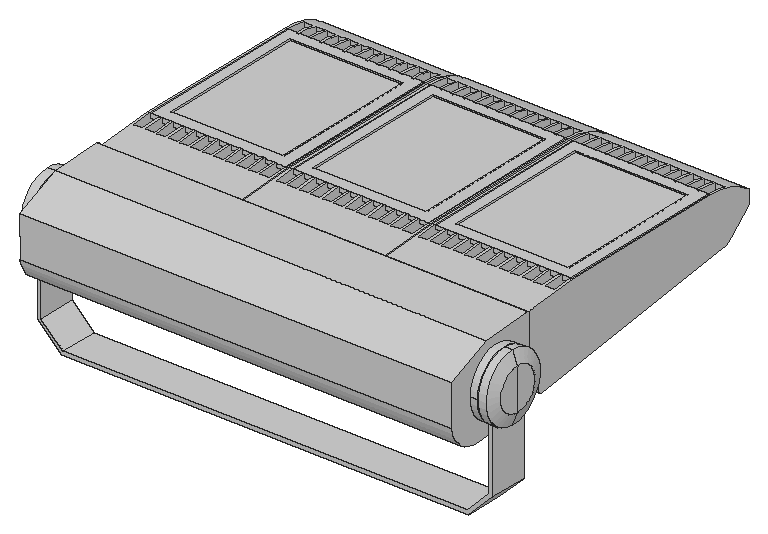
Revit family "0049147 Feilo Sylvania Lighting Fixture SYLVEO LED 20000LM RASYM 4K DALI", category Lighting Fixtures, host Face, Revit 2017
Family settings
  Host = Face
  Round Connector Dimension = Use Diameter
  Part Type = Normal
  OmniClass Number = 23.80.70.00
  OmniClass Title = Lighting
  Cut with Voids When Loaded = No
  Light Source = No
  Shared = No
  Room Calculation Point = No
Parameters (values of type "0049147 SYLVEO LED 20000LM RASYM 4K DALI ")
  Weight = "11.516 kg"
  Wattage Comments = ""
  WarrantyStartDate [instance] = "n/a"
  WarrantyGuarantorParts = "n/a"
  WarrantyDurationUnit = "n/a"
  WarrantyDurationParts = "n/a"
  WarrantyDescription = "n/a"
  Voltage = 230 V
  URL = "http://www.sylvania-lighting.com"
  TypeName = "SYLVEO LED 20000LM RASYM 4K DALI"
  TypeBody_FEILO = Sylveo Extra Large Body : 0049145 SYLVEO LED 20000LM NAR 4K DALI 
  Type Image = <None>
  Type Comments = "n/a"
  TiltAngle_FEILO [instance] = 0.00°
  StartAngle_FEILO [instance] = EndAngle_FEILO + 180.00°  # 270.00°
  SerialNumber [instance] = "n/a"
  Material_3_FEILO = none
  PowerFactor = 0.95
  PowerConsumption = "202 W"
  NominalLength = 98 mm
  NominalHeight = 392 mm
  NominalDepth = 496 mm
  Name = "SYLVEO LED 20000LM RASYM 4K DALI"
  ModelReference = Name  # "SYLVEO LED 20000LM RASYM 4K DALI"
  ModelNumber = "0049147"
  Model = Name  # "SYLVEO LED 20000LM RASYM 4K DALI"
  Material = "aluminum housing, glass diffuser"
  ManufacturerName = "Feilo Sylvania"
  Manufacturer = "Feilo Sylvania"
  LuminousEfficacy = "106.6 lm/W"
  LuminaireType = ""
  LightOutputRatio = "1"
  LampsType = Lamp  # "LED"
  LampNominalLuminous = "21542 lm"
  LampMacAdamStep = "6"
  LampColourTemperature = "4000 K"
  LampColourRenderingIndex = "70"
  Lamp = "LED"
  Keynote = "16500"
  InstallationDate [instance] = "n/a"
  InputVoltage = "100-240V~"
  InputNominalFrequency = "50/60 Hz"
  IngressProtection = "IP66"
  ImpactProtectionIndex = "IK08"
  IfcExportType = "IfcLightFixtureType"
  IfcExportAs = "IfcLightFixtureType"
  ExpectedLife = 50000
  EndAngle_FEILO [instance] = -TiltAngle_FEILO + 90.00°  # 90.00°
  ElectricShockClassification = "Class I"
  DurationUnit = "hours"
  DocumentationLiterature = "http://www.sylvania-lighting.com/product/en-int/products/0049147"
  DimmingControlOptions = "Dimmable"
  Material_2_FEILO = none
  Description = "Exterior LED floodlight, comes complete with a 1000mm cable and adjustable bracket, aluminium housing, clear glass diffuser, 21542lm, 201W, 107lm/W, 4000K, 5002mA, CRI70, 52°x117° beam angle, DALI dimmable, IP66, IK08, Class I, 50000hrs, (LxWxD) 98x496x392mm"
  Default Elevation = 1219.2 mm
  CreatedOn = "1/9/2018"
  CreatedBy = ""
  Cost = 0
  built-in parameter 1114216 [instance] = (empty or 0)
  ClassificationValue = "EF_70_80"
  ClassificationName = "Uniclass2015"
  Material_1_FEILO = Body-Sylvania-Sylveo
  BarCode [instance] = "n/a"
  AssetType = "Fixed"
  AssetIdentifier [instance] = "n/a"
  Assembly Code = "D5020200"
  Apparent Load = 202 VA
  Material_4_FEILO = none
Reference planes
  plane 1 "Center (Front/Back)": y = 0
  plane 2: z = 0
  plane 3 "Center (Left/Right)": x = 0
  plane 4: x = 248
  plane 5: x = -248
  plane 6: x = -243
  plane 7: x = 243
  plane 8: z = 121
  plane 9: z = 143
  plane 10: z = 99
  plane 11: z = 156
  plane 12: z = 86
  plane 13: x = -234
  plane 14: x = 234
  plane 15: z = 4
  plane 16: x = -238
  plane 17: x = 238
  plane 18: x = -213
  plane 19: x = 213
  plane 20: z = 25
  plane 21: y = 20
  plane 22: y = -20
Forms (mm)
  Revolve 1, solid, material "Body-Sylvania-Sylveo" <- "Material_1_FEILO"
    sketch origin (0, 0, 0) x (1, 0, 0) y (0, 0, 1)
      loop
        line (-234, 156) -> (-243, 156) -> (-248, 143) -> (-248, 121) -> (-234, 121) -> (-234, 156)
      loop
        line (234, 121) -> (248, 121) -> (248, 143) -> (243, 156) -> (234, 156) -> (234, 121)
      axis (-248, 121) -> (248, 121)
    angle from 360 to 0
  Extrusion 2, solid, material "Body-Sylvania-Sylveo" <- "Material_1_FEILO"
    sketch origin (0, 0, 0) x (1, 0, 0) y (0, 0, 1)
      loop
        line (213, 0) -> (238, 25) -> (238, 121) -> (234, 121) -> (234, 26.657) -> (211.343, 4) -> (-211.343, 4) -> (-234, 26.657) -> (-234, 121) -> (-238, 121) -> (-238, 25) -> (-213, 0) -> (213, 0)
    from -20 to 20
  Revolve 3, solid, not visible
    sketch origin (0, 0, 0) x (1, 0, 0) y (0, 0, 1)
      loop
        line (0, 143) -> (-50.437, 143) -> (-50.437, 121) -> (0, 121) -> (0, 143)
      axis (-50.437, 121) -> (0, 121)
    angle from 270 <- "StartAngle_FEILO" to 90 <- "EndAngle_FEILO"
Cuts and joins
  joined: Revolve 1, Extrusion 2
Dimensions and locks
  locked: plane 8 to plane 2 at 121
  equal spacing: plane 4, plane 3 "Center (Left/Right)", plane 5
  equal spacing: plane 7, plane 3 "Center (Left/Right)", plane 6
  locked: plane 6 to plane 5 at 5
  locked: plane 4 to plane 5 at 496
  equal spacing: plane 9, plane 8, plane 10
  locked: plane 9 to plane 10 at 44
  equal spacing: plane 11, plane 8, plane 12
  locked: plane 11 to plane 9 at 13
  equal spacing: plane 14, plane 3 "Center (Left/Right)", plane 13
  locked: plane 3 "Center (Left/Right)" to plane 13 at 234
  locked: plane 15 to plane 2 at 4
  equal spacing: plane 17, plane 3 "Center (Left/Right)", plane 16
  locked: plane 13 to plane 16 at 4
  locked: plane 20 to plane 2 at 25
  equal spacing: plane 19, plane 3 "Center (Left/Right)", plane 18
  locked: plane 18 to plane 16 at 25
  equal spacing: plane 22, plane 1 "Center (Front/Back)", plane 21
  locked: plane 22 to plane 21 at 40
  aligned and locked: plane 2 to host face
  aligned and locked: level to host face
  aligned and locked: plane 5 to Revolve 1 sketch curve  (x2)
  aligned and locked: Revolve 1 sketch curve to plane 13
  aligned and locked: plane 9 to Revolve 1 sketch curve  (x2)
  aligned and locked: plane 11 to Revolve 1 sketch curve
  aligned and locked: plane 6 to Revolve 1 sketch curve
  aligned and locked: plane 8 to Revolve 1 sketch curve  (x2)
  aligned and locked: plane 14 to Revolve 1 sketch curve
  aligned and locked: Revolve 1 sketch curve to plane 11
  aligned and locked: Revolve 1 sketch curve to plane 4
  aligned and locked: Revolve 1 sketch curve to Revolve 1 sketch curve  (x2)
  aligned and locked: plane 19 to Extrusion 2 sketch curve
  aligned and locked: level to Extrusion 2 sketch curve
  aligned and locked: plane 16 to Extrusion 2 sketch curve
  aligned and locked: plane 17 to Extrusion 2 sketch curve
  aligned and locked: Extrusion 2 sketch curve to plane 8
  aligned and locked: plane 8 to Extrusion 2 sketch curve
  aligned and locked: Extrusion 2 sketch curve to plane 14
  aligned and locked: Extrusion 2 sketch curve to plane 15
  aligned and locked: plane 13 to Extrusion 2 sketch curve
  aligned and locked: Extrusion 2 to plane 21
  aligned and locked: plane 22 to Extrusion 2
  aligned and locked: Revolve 3 sketch curve to plane 8  (x2)
  aligned and locked: plane 9 to Revolve 3 sketch curve
  aligned and locked: plane 3 "Center (Left/Right)" to Revolve 3 sketch curve
  aligned and locked: plane 3 "Center (Left/Right)" to nested 1
Automatic sketch dimensions
  host sketch curve to host sketch curve = 2438.4 mm  (x2)
  Revolve 1 sketch curve to plane 7 = 0 mm
  Revolve 1 sketch curve to plane 5 = 1276 mm
  plane 4 to Revolve 1 sketch curve = 1411.773 mm
  Extrusion 2 sketch curve to plane 18 = 0 mm
  Extrusion 2 sketch curve to plane 20 = 0 mm  (x2)
  plane 18 to Extrusion 2 sketch curve = 1.657 mm
  Extrusion 2 sketch curve to plane 19 = 1.657 mm
  Extrusion 2 sketch curve to plane 20 = 1.657 mm  (x2)
  Revolve 3 sketch curve to plane 3 "Center (Left/Right)" = 50.437 mm
  Revolve 3 sketch curve to plane 5 = 1276 mm
  plane 4 to Revolve 3 sketch curve = 1411.773 mm
Nested families
  nested 1: "Sylveo Extra Large Body" at (0, 0, 121), type <- "TypeBody_FEILO", type "0049145 SYLVEO LED 20000LM NAR 4K DALI "
    with WarrantyStartDate "n/a", SerialNumber "n/a", InstallationDate "n/a", built-in parameter 1114216 (empty or 0), BarCode "n/a", AssetIdentifier "n/a"
Connectors
  electrical at (0, 0, 0), driven by "Apparent Load", driven by "PowerFactor", driven by "Voltage"
    settings: index 1, voltage 230 V, apparent load 202 VA, apparent load phase1 0 VA, apparent load phase2 0 VA, apparent load phase3 0 VA, power factor 0.95, load classification "Lighting", number of poles 1, system type 30, power factor state 1, is connector primary yes, connector utility no, sub classification motor no, connector description ""
Definition of nested family "Sylveo Extra Large Body"
  Parameters (values of type "0049147 SYLVEO LED 20000LM RASYM 4K DALI ")
    Weight = "11.516 kg"
    Wattage Comments = ""
    Wattage = 202 W
    WarrantyStartDate [instance] = "n/a"
    WarrantyGuarantorParts = "n/a"
    WarrantyDurationUnit = "n/a"
    WarrantyDurationParts = "n/a"
    WarrantyDescription = "n/a"
    built-in parameter 1150110 = 1 (stored number, unit not read)
    Voltage = 230 V
    URL = "http://www.feilosylvania.com"
    TypeName = "SYLVEO LED 20000LM RASYM 4K DALI"
    Type Image = (empty or 0)
    Type Comments = "n/a"
    built-in parameter 1114217 = 1 (stored number, unit not read)
    Tilt Angle = -90.00°
    built-in parameter 1150109 = 1 (stored number, unit not read)
    built-in parameter 1150134 = 12
    built-in parameter 1150113 = 1 (stored number, unit not read)
    SerialNumber [instance] = "n/a"
    Photometric Web File = "0049147.ies"
    Material_3_FEILO = none
    PowerFactor = 0.95
    PowerConsumption = "202 W"
    NominalLength = 98 mm
    NominalHeight = 392 mm
    NominalDepth = 496 mm
    Name = "SYLVEO LED 20000LM RASYM 4K DALI"
    ModelReference = Name  # "SYLVEO LED 20000LM RASYM 4K DALI"
    ModelNumber = "0049147"
    Model = Name  # "SYLVEO LED 20000LM RASYM 4K DALI"
    Material = "aluminum housing, glass diffuser"
    ManufacturerName = "Feilo Sylvania"
    Manufacturer = "Feilo Sylvania"
    LuminousEfficacy = "106.6 lm/W"
    built-in parameter 1150105 = 11127.1 (stored number, unit not read)
    Lumens = 21533.2 lm
    LuminaireType = ""
    built-in parameter 1150115 = 1 (stored number, unit not read)
    LightOutputRatio = "1"
    built-in parameter 1150137 = (empty or 0)
    built-in parameter 1150139 = (empty or 0)
    LampsType = Lamp  # "LED"
    LampNominalLuminous = "21542 lm"
    LampMacAdamStep = "6"
    LampColourTemperature = "4000 K"
    LampColourRenderingIndex = "70"
    built-in parameter 1150112 = 1 (stored number, unit not read)
    built-in parameter 1150114 = 1 (stored number, unit not read)
    Lamp = "LED"
    Keynote = "16500"
    InstallationDate [instance] = "n/a"
    InputVoltage = "100-240V~"
    InputNominalFrequency = "50/60 Hz"
    built-in parameter 1150132 = (empty or 0)
    built-in parameter 1150102 = (empty or 0)
    built-in parameter 1150107 = 4000 (stored number, unit not read)
    built-in parameter 1150138 = (empty or 0)
    IngressProtection = "IP66"
    ImpactProtectionIndex = "IK08"
    built-in parameter 1150106 = 111.27 (stored number, unit not read)
    IfcExportType = "IfcLightFixtureType"
    IfcExportAs = "IfcLightFixtureType"
    ExpectedLife = 50000
    Emit from Rectangle Width = 156 mm
    Emit from Rectangle Length = 415.5 mm
    Emit Shape Visible in Rendering = no
    ElectricShockClassification = "Class I"
    built-in parameter 1150104 = 9.9035 (stored number, unit not read)
    DurationUnit = "hours"
    DocumentationLiterature = "http://www.feilosylvania.com/product/en-int/products/0049147"
    DimmingControlOptions = "Dimmable"
    Material_2_FEILO = none
    Dimming Lamp Color Temperature Shift = (empty or 0)
    Description = "Exterior LED floodlight, comes complete with a 1000mm cable and adjustable bracket, aluminium housing, clear glass diffuser, 21542lm, 201W, 107lm/W, 4000K, 5002mA, CRI70, 52°x117° beam angle, DALI dimmable, IP66, IK08, Class I, 50000hrs, (LxWxD) 98x496x392mm"
    Default Elevation = 1219.2 mm
    CreatedOn = "1/9/2018"
    CreatedBy = "aron.fodor@feilosylvania.com"
    Cost = 0
    Color Filter = 16777215
    built-in parameter 1114216 [instance] = (empty or 0)
    ClassificationValue = "EF_70_80"
    ClassificationName = "Uniclass2015"
    Material_1_FEILO = none
    BarCode [instance] = "n/a"
    built-in parameter 1114218 = 1 (stored number, unit not read)
    built-in parameter 1150133 = 10 (stored number, unit not read)
    AssetType = "Fixed"
    AssetIdentifier [instance] = "n/a"
    Assembly Code = "D5020200"
    Apparent Load = 202 VA
    Material_4_FEILO = none
  Types (9, lengths in mm): name | Weight | Wattage | TypeName | built-in parameter 1150134 | Photometric Web File | PowerFactor | PowerConsumption | NominalLength | NominalDepth | Name | ModelReference | ModelNumber | Model | Material | LuminousEfficacy | built-in parameter 1150105 | Lumens | LightOutputRatio | LampNominalLuminous | LampColourTemperature | InputNominalFrequency | built-in parameter 1150107 | built-in parameter 1150106 | built-in parameter 1150104 | DocumentationLiterature | DimmingControlOptions | Description | Apparent Load
    0049147 SYLVEO LED 20000LM RASYM 4K DALI | "11.516 kg" | 202 W | "SYLVEO LED 20000LM RASYM 4K DALI" | 12 | "0049147.ies" | 0.95 | "202 W" | 98 | 496 | "SYLVEO LED 20000LM RASYM 4K DALI" | "SYLVEO LED 20000LM RASYM 4K DALI" | "0049147" | "SYLVEO LED 20000LM RASYM 4K DALI" | "aluminum housing, glass diffuser" | "106.6 lm/W" | 11127.1 (stored number, unit not read) | 21533.2 lm | "1" | "21542 lm" | "4000 K" | "50/60 Hz" | 4000 (stored number, unit not read) | 111.27 (stored number, unit not read) | 9.9035 (stored number, unit not read) | "http://www.feilosylvania.com/product/en-int/products/0049147" | "Dimmable" | "Exterior LED floodlight, comes complete with a 1000mm cable and adjustable bracket, aluminium housing, clear glass diffuser, 21542lm, 201W, 107lm/W, 4000K, 5002mA, CRI70, 52°x117° beam angle, DALI dimmable, IP66, IK08, Class I, 50000hrs, (LxWxD) 98x496x392mm" | 202 VA
    0049146 SYLVEO LED 20000LM WIDE 4K DALI | "11.516 kg" | 200 W | "SYLVEO LED 20000LM WIDE 4K DALI" | 12 | "0049146.ies" | 0.95 | "200 W" | 98 | 496 | "SYLVEO LED 20000LM WIDE 4K DALI" | "SYLVEO LED 20000LM WIDE 4K DALI" | "0049146" | "SYLVEO LED 20000LM WIDE 4K DALI" | "aluminum housing, glass diffuser" | "106.4 lm/W" | 25856.7 (stored number, unit not read) | 21280 lm | "1" | "21281 lm" | "4000 K" | "50/60 Hz" | 4000 (stored number, unit not read) | 258.57 (stored number, unit not read) | 9.8849 (stored number, unit not read) | "http://www.feilosylvania.com/product/en-int/products/0049146" | "Dimmable" | "Exterior LED floodlight, comes complete with a 1000mm cable and adjustable bracket, aluminium housing, clear glass diffuser, 21281lm, 200W, 106lm/W, 4000K, 5002mA, CRI70, 52° beam angle, DALI dimmable, IP66, IK08, Class I, 50000hrs, (LxWxD) 98x496x392mm" | 200 VA
    0049145 SYLVEO LED 20000LM NAR 4K DALI | "11.516 kg" | 201 W | "SYLVEO LED 20000LM NAR 4K DALI" | 12 | "0049145.ies" | 0.95 | "201 W" | 98 | 496 | "SYLVEO LED 20000LM NAR 4K DALI" | "SYLVEO LED 20000LM NAR 4K DALI" | "0049145" | "SYLVEO LED 20000LM NAR 4K DALI" | "aluminum housing, glass diffuser" | "107.5 lm/W" | 50417.9 (stored number, unit not read) | 21607.5 lm | "1" | "21605 lm" | "4000 K" | "50/60 Hz" | 4000 (stored number, unit not read) | 504.18 (stored number, unit not read) | 9.9871 (stored number, unit not read) | "http://www.feilosylvania.com/product/en-int/products/0049145" | "Dimmable" | "Exterior LED floodlight, comes complete with a 1000mm cable and adjustable bracket, aluminium housing, clear glass diffuser, 21605lm, 201W, 108lm/W, 4000K, 5002mA, CRI70, 30° beam angle, DALI dimmable, IP66, IK08, Class I, 50000hrs, (LxWxD) 98x496x392mm" | 201 VA
    0049123 SYLVEO LED 20000LM RASYM 3K | "11.516 kg" | 201.3 W | "SYLVEO LED 20000LM RASYM 3K" | (empty or 0) | "0049123.ies" | 0 | "201.3 W" | 496 | 98 | "SYLVEO LED 20000LM RASYM 3K" | "SYLVEO LED 20000LM RASYM 3K" | "0049123" | "SYLVEO LED 20000LM RASYM 3K" | "aluminium housing, glass diffuser" | "102.5 lm/W" | 10660.6 (stored number, unit not read) | 20633.3 lm | "100" | "20639 lm" | "3000 K" | "50 Hz" | 3000 (stored number, unit not read) | 106.61 (stored number, unit not read) | 9.5226 (stored number, unit not read) | "http://www.feilosylvania.com/product/en-int/products/0049123" | "Non dimmable" | "Exterior LED Floodlight, comes complete with a 1000mm cable and adjustable bracket, aluminium housing, clear glass diffuser, IP66, IK08, Class I, 3000K, Non-dimming, 20639lm, 201W, 103lm/W, 4800mA, CRI70, 52°x117° beam angle, 50000hrs, (LxWxD) 98x496x392mm, Asmmetric" | 201.3 VA
    0049122 SYLVEO LED 20000LM WIDE 3K | "11.5 kg" | 201.3 W | "SYLVEO LED 20000LM WIDE 3K" | (empty or 0) | "0049122.ies" | 0 | "201.3 W" | 496 | 98 | "SYLVEO LED 20000LM WIDE 3K" | "SYLVEO LED 20000LM WIDE 3K" | "0049122" | "SYLVEO LED 20000LM WIDE 3K" | "aluminium housing, glass diffuser" | "102.5 lm/W" | 25192 (stored number, unit not read) | 20633.3 lm | "100" | "20633 lm" | "3000 K" | "50 Hz" | 3000 (stored number, unit not read) | 251.92 (stored number, unit not read) | 9.5226 (stored number, unit not read) | "http://www.feilosylvania.com/product/en-int/products/0049122" | "Non dimmable" | "Exterior LED Floodlight, comes complete with a 1000mm cable and adjustable bracket, aluminium housing, clear glass diffuser, IP66, IK08, Class I, 3000K, Non-dimming, 20633lm, 201W, 103lm/W, 4800mA, CRI70, 52° beam angle, 50000hrs, (LxWxD) 98x496x392mm" | 201.3 VA
    0049121 SYLVEO LED 20000LM NAR 3K | "11.552 kg" | 200.6 W | "SYLVEO LED 20000LM NAR 3K" | (empty or 0) | "0049121.ies" | 0 | "200.6 W" | 496 | 98 | "SYLVEO LED 20000LM NAR 3K" | "SYLVEO LED 20000LM NAR 3K" | "0049121" | "SYLVEO LED 20000LM NAR 3K" | "aluminium housing, glass diffuser" | "103.9 lm/W" | 50639 (stored number, unit not read) | 20842.3 lm | "100" | "20834 lm" | "3000 K" | "50 Hz" | 3000 (stored number, unit not read) | 506.39 (stored number, unit not read) | 9.6526 (stored number, unit not read) | "http://www.feilosylvania.com/product/en-int/products/0049121" | "Non dimmable" | "Exterior LED Floodlight, comes complete with a 1000mm cable and adjustable bracket, aluminium housing, clear glass diffuser, IP66, IK08, Class I, 3000K, Non-dimming, 20834lm, 201W, 104lm/W, 4800mA, CRI70, 30° beam angle, 50000hrs, (LxWxD) 98x496x392mm" | 200.6 VA
    0049120 SYLVEO LED 20000LM RASYM 4K | "11.318 kg" | 200.6 W | "SYLVEO LED 20000LM RASYM 4K" | 12 | "0049120.ies" | 0 | "200.6 W" | 496 | 98 | "SYLVEO LED 20000LM RASYM 4K" | "SYLVEO LED 20000LM RASYM 4K" | "0049120" | "SYLVEO LED 20000LM RASYM 4K" | "aluminium housing, glass diffuser" | "107.4 lm/W" | 11131.4 (stored number, unit not read) | 21544.4 lm | "100" | "21546 lm" | "4000 K" | "50 Hz" | 4000 (stored number, unit not read) | 111.31 (stored number, unit not read) | 9.9778 (stored number, unit not read) | "http://www.feilosylvania.com/product/en-int/products/0049120" | "Non dimmable" | "Exterior LED Floodlight, comes complete with a 1000mm cable and adjustable bracket, aluminium housing, clear glass diffuser, IP66, IK08, Class I, 4000K, Non-dimming, 21546lm, 201W, 107lm/W, 4800mA, CRI70, 52°x117° beam angle, 50000hrs, (LxWxD) 98x496x392mm" | 200.6 VA
    0049119 SYLVEO LED 20000LM WIDE 4K | "11.472 kg" | 200.5 W | "SYLVEO LED 20000LM WIDE 4K" | 12 | "0049119.ies" | 0 | "200.5 W" | 496 | 98 | "SYLVEO LED 20000LM WIDE 4K" | "SYLVEO LED 20000LM WIDE 4K" | "0049119" | "SYLVEO LED 20000LM WIDE 4K" | "aluminium housing, glass diffuser" | "107.3 lm/W" | 27146.8 (stored number, unit not read) | 21513.6 lm | "100" | "21514 lm" | "4000 K" | "50 Hz" | 4000 (stored number, unit not read) | 271.47 (stored number, unit not read) | 9.9685 (stored number, unit not read) | "http://www.feilosylvania.com/product/en-int/products/0049119" | "Non dimmable" | "Exterior LED Floodlight, comes complete with a 1000mm cable and adjustable bracket, aluminium housing, clear glass diffuser, IP66, IK08, Class I, 4000K, Non-dimming, 21514lm, 201W, 107lm/W, 4800mA, CRI70, 52° beam angle, 50000hrs, (LxWxD) 98x496x392mm" | 200.5 VA
    0049118 SYLVEO LED 20000LM NAR 4K | "11.496 kg" | 201.2 W | "SYLVEO LED 20000LM NAR 4K" | 12 | "0049118.ies" | 0 | "201.2 W" | 496 | 98 | "SYLVEO LED 20000LM NAR 4K" | "SYLVEO LED 20000LM NAR 4K" | "0049118" | "SYLVEO LED 20000LM NAR 4K" | "aluminium housing, glass diffuser" | "107.4 lm/W" | 52850.4 (stored number, unit not read) | 21608.9 lm | "100" | "21609 lm" | "4000 K" | "50 Hz" | 4000 (stored number, unit not read) | 528.5 (stored number, unit not read) | 9.9778 (stored number, unit not read) | "http://www.feilosylvania.com/product/en-int/products/0049118" | "Non dimmable" | "Exterior LED Floodlight, comes complete with a 1000mm cable and adjustable bracket, aluminium housing, clear glass diffuser, IP66, IK08, Class I, 4000K, Non-dimming, 21609lm, 201W, 107lm/W, 4000K, 4800mA, CRI70, 30° beam angle, 50000hrs, (LxWxD) 98x496x392mm" | 201.2 VA
  Reference planes
    plane 1 "Center (Front/Back)": y = 0
    plane 2: z = 0
    plane 3 "Center (Left/Right)": x = 0
    plane 4: x = 248
    plane 5: x = -248
    plane 6: x = 225.5
    plane 7: x = -225.5
    plane 8: y = 35
    plane 9: x = -234
    plane 10: x = 234
    plane 11: y = 43
    plane 12: y = -12
    plane 13: y = -58
    plane 14: z = 46
    plane 15: z = 43
    plane 16: z = 23
    plane 17: z = -20
    plane 18: y = -23
    plane 19: z = -40
    plane 20: z = -47
    plane 21: x = -149
    plane 22: x = 149
  Forms (mm)
    Extrusion 1, solid
      sketch origin (4.2, 0, 0) x (1, 0, 0) y (0, 1, 0)
        loop
          line (-1219.2, 1219.2) -> (-1219.2, -1219.2) -> (1219.2, -1219.2) -> (1219.2, 1219.2) -> (-1219.2, 1219.2)
      from 0 to -68.017
    Extrusion 2, solid, material <- "Material_1_FEILO"
      sketch origin (0, 0, 0) x (0, 1, 0) y (0, 0, 1)
        loop
          line (41.418, 45.914) -> (-12, 43)
          arc (-12, 43) -> (-35.432, 33.994) -> (-58, 23) r 290.694
          line (-58, 23) -> (-58, -20)
          arc (-58, -20) -> (-45.914, -40.518) -> (-23, -47) r 31.99
          line (-23, -47) -> (40.738, -40.24)
          arc (40.738, -40.24) -> (42.351, -39.416) -> (43, -37.725) r 2.529
          line (43, -37.725) -> (43, 44.416)
          arc (43, 44.416) -> (42.531, 45.505) -> (41.418, 45.914) r 1.5
      from -225.5 to 225.5
    Revolve 3, solid, material <- "Material_1_FEILO"
      sketch origin (0, 0, 0) x (1, 0, 0) y (0, 1, 0)
        loop
          line (-234, 35) -> (-234, 0) -> (-225.5, 0) -> (-225.5, 35) -> (-234, 35)
        loop
          line (234, 0) -> (234, 35) -> (225.5, 35) -> (225.5, 0) -> (234, 0)
        axis (234, 0) -> (-234, 0)
      angle from 360 to 0
  Cuts and joins
    joined: Extrusion 2, Revolve 3
  Dimensions and locks
    equal spacing: plane 5, plane 3 "Center (Left/Right)", plane 4
    locked: plane 5 to plane 4 at 496
    equal spacing: plane 7, plane 3 "Center (Left/Right)", plane 6
    locked: plane 5 to plane 7 at 22.5
    plane 1 "Center (Front/Back)" to plane 8 = 35 mm
    equal spacing: plane 9, plane 3 "Center (Left/Right)", plane 10
    locked: plane 9 to plane 10 at 468
    plane 13 to plane 18 to plane 12 to plane 1 "Center (Front/Back)" to plane 8 to plane 11 = 35 mm locked, 11 mm locked, 12 mm locked, 35 mm locked, 8 mm locked
    plane 14 to plane 15 to plane 16 to plane 2 to plane 17 to plane 19 = 3 mm locked, 20 mm locked, 23 mm locked, 20 mm locked, 20 mm locked
    locked: plane 20 to plane 19 at 7
    equal spacing: plane 21, plane 3 "Center (Left/Right)", plane 22
    locked: plane 21 to plane 3 "Center (Left/Right)" at 149
    aligned and locked: plane 2 to Extrusion 1
    aligned and locked: level to Extrusion 1
    aligned and locked: Extrusion 2 sketch curve to plane 11
    aligned and locked: plane 13 to Extrusion 2 sketch curve
    aligned and locked: plane 6 to Extrusion 2
    aligned and locked: Extrusion 2 to plane 7
    aligned and locked: plane 8 to Revolve 3 sketch curve  (x2)
    aligned and locked: plane 9 to Revolve 3 sketch curve
    aligned and locked: Revolve 3 sketch curve to plane 1 "Center (Front/Back)"  (x3)
    aligned and locked: Revolve 3 sketch curve to plane 7
    aligned and locked: Revolve 3 sketch curve to plane 10
    aligned and locked: plane 6 to Revolve 3 sketch curve
    aligned and locked: plane 2 to nested 1
    aligned and locked: plane 3 "Center (Left/Right)" to nested 1
    aligned and locked: plane 21 to nested 3
    aligned and locked: plane 22 to nested 2
    aligned and locked: plane 2 to nested 2
    aligned and locked: plane 2 to nested 3
    aligned and locked: imposter light to nested 2
    aligned and locked: imposter light to nested 1
    aligned and locked: imposter light to plane 3 "Center (Left/Right)"
  Automatic sketch dimensions
    Extrusion 1 sketch curve to Extrusion 1 sketch curve = 2438.4 mm  (x2)
    Extrusion 2 sketch curve to plane 18 = 0 mm
    Extrusion 2 sketch curve to plane 12 = 0 mm
    plane 20 to Extrusion 2 sketch curve = 0 mm
    plane 17 to Extrusion 2 sketch curve = 0 mm
    plane 16 to Extrusion 2 sketch curve = 0 mm
    plane 15 to Extrusion 2 sketch curve = 0 mm
    plane 18 to Extrusion 2 sketch curve = 3.374 mm
    Extrusion 2 sketch curve to Extrusion 2 sketch curve = 2.529 mm
    plane 19 to Extrusion 2 sketch curve = 0.24 mm
    plane 11 to Extrusion 2 sketch curve = 2.262 mm
    plane 14 to Extrusion 2 sketch curve = 0.086 mm
    plane 11 to Extrusion 2 sketch curve = 1.582 mm
    Extrusion 2 sketch curve to plane 15 = 1.416 mm
    Extrusion 2 sketch curve to plane 11 = 37.475 mm
    Revolve 3 sketch curve to plane 5 = 1276 mm
    plane 4 to Revolve 3 sketch curve = 1276 mm
  Nested families
    nested 1: "Sylveo Extra Large Screen Module" at (0, 43, 48) x (1, 0, 0) z (0, 1, 0), type "Type Name"
    nested 2: "Sylveo Extra Large Screen Module" at (149, 43, 48) x (1, 0, 0) z (0, 1, 0), type "Type Name"
    nested 3: "Sylveo Extra Large Screen Module" at (-149, 43, 48) x (1, 0, 0) z (0, 1, 0), type "Type Name"
  Definition of nested family "Sylveo Extra Large Screen Module"
    Parameters (values of type "Type Name")
      URL = "http://www.feilosylvania.com"
      Type Image = (empty or 0)
      Type Comments = "n/a"
      Material_3_FEILO = none
      Model = ""
      Manufacturer = "Feilo Sylvania"
      Keynote = ""
      Material_2_FEILO = none
      Description = ""
      Default Elevation = 1219.2 mm
      Cost = 0
      Material_1_FEILO = none
      Assembly Code = ""
      Material_4_FEILO = none
    Reference planes
      plane 1 "Center (Front/Back)": y = 0
      plane 2: z = 0
      plane 3 "Center (Left/Right)": x = 0
      plane 4: x = 73.5
      plane 5: x = -73.5
      plane 6: z = 290
      plane 7: z = 262.5
      plane 8: z = 241.5
      plane 9: z = 229.5
      plane 10: x = -71
      plane 11: x = 71
      plane 12: x = -59
      plane 13: x = 59
      plane 14: z = 61.5
      plane 15: z = 73.5
      plane 16: y = 16
      plane 17: y = 31
      plane 18: y = 56
      plane 19: y = 88
      plane 20: z = 16
      plane 21: z = 6
      plane 22: y = 4
      plane 23: x = -61.5
      plane 24: x = -49.5
      plane 25: x = -47
      plane 26: x = -37.5
      plane 27: x = -35
      plane 28: x = -25.5
      plane 29: x = -23
      plane 30: x = -13.5
      plane 31: x = -11
      plane 32: x = -1.5
      plane 33: x = 1
      plane 34: x = 10.5
      plane 35: x = 13
      plane 36: x = 22.5
      plane 37: x = 25
      plane 38: x = 34.5
      plane 39: x = 37
      plane 40: x = 46.5
      plane 41: x = 49
      plane 42: x = 58.5
      plane 43: x = 61
      plane 44: z = 40.5
      plane 45: y = 92
      plane 46: y = 48
      plane 47: z = 30.5
      plane 48: y = 1
      plane 49: z = 151.5
    Forms (mm)
      Extrusion 1, solid
        sketch origin (4.2, 0, 0) x (1, 0, 0) y (0, 1, 0)
          loop
            line (-1219.2, 1219.2) -> (-1219.2, -1219.2) -> (1219.2, -1219.2) -> (1219.2, 1219.2) -> (-1219.2, 1219.2)
        from 0 to -68.017
      Extrusion 2, solid, material <- "Material_1_FEILO", detail levels medium+fine
        sketch origin (0, 0, 0) x (0, 1, 0) y (0, 0, 1)
          loop
            line (0, 241.5) -> (0, 61.5) -> (4, 0) -> (88, 0) -> (88, 5)
            arc (88, 5) -> (87.707, 5.707) -> (87, 6) r 1
            line (87, 6) -> (58, 6)
            arc (58, 6) -> (56.586, 6.586) -> (56, 8) r 2
            line (56, 8) -> (56, 14)
            arc (56, 14) -> (56.586, 15.414) -> (58, 16) r 2
            line (58, 16) -> (82.836, 16)
            arc (82.836, 16) -> (86.711, 17.379) -> (88.136, 21.237) r 4.853
            arc (88.136, 21.237) -> (75.429, 138.984) -> (57.18, 256.001) r 2509.59
            arc (57.18, 256.001) -> (55.179, 262.077) -> (51.577, 267.365) r 22.945
            line (51.577, 267.365) -> (31, 290) -> (16, 290)
            arc (16, 290) -> (4.103, 267.036) -> (0, 241.5) r 81.508
        from -73.5 to 73.5
      Extrusion 3, void
        sketch origin (0, 0, 0) x (1, 0, 0) y (0, 0, 1)
          loop
            line (-71, 262.5) -> (-71, 40.5) -> (-61.5, 40.5) -> (-61.5, 262.5) -> (-71, 262.5)
          loop
            line (-59, 262.5) -> (-59, 40.5) -> (-49.5, 40.5) -> (-49.5, 262.5) -> (-59, 262.5)
          loop
            line (-47, 262.5) -> (-47, 40.5) -> (-37.5, 40.5) -> (-37.5, 262.5) -> (-47, 262.5)
          loop
            line (-35, 262.5) -> (-35, 40.5) -> (-25.5, 40.5) -> (-25.5, 262.5) -> (-35, 262.5)
          loop
            line (-23, 262.5) -> (-23, 40.5) -> (-13.5, 40.5) -> (-13.5, 262.5) -> (-23, 262.5)
          loop
            line (-11, 262.5) -> (-11, 40.5) -> (-1.5, 40.5) -> (-1.5, 262.5) -> (-11, 262.5)
          loop
            line (1, 262.5) -> (1, 40.5) -> (10.5, 40.5) -> (10.5, 262.5) -> (1, 262.5)
          loop
            line (13, 262.5) -> (13, 40.5) -> (22.5, 40.5) -> (22.5, 262.5) -> (13, 262.5)
          loop
            line (25, 262.5) -> (25, 40.5) -> (34.5, 40.5) -> (34.5, 262.5) -> (25, 262.5)
          loop
            line (37, 262.5) -> (37, 40.5) -> (46.5, 40.5) -> (46.5, 262.5) -> (37, 262.5)
          loop
            line (49, 262.5) -> (49, 40.5) -> (58.5, 40.5) -> (58.5, 262.5) -> (49, 262.5)
          loop
            line (61, 262.5) -> (61, 40.5) -> (71, 40.5) -> (71, 262.5) -> (61, 262.5)
        from -88 to 0
      Extrusion 4, void
        sketch origin (0, 0, 0) x (0, 1, 0) y (0, 0, 1)
          loop
            line (83.385, 40.5) -> (48, 40.5) -> (48, 6) -> (92, 6) -> (92, 43.121) -> (85.747, 43.121)
            arc (85.747, 43.121) -> (85.149, 41.285) -> (83.385, 40.5) r 2.374
        from -71 to 71
      Extrusion 5, solid, material <- "Material_1_FEILO", detail levels coarse
        sketch origin (0, 0, 0) x (0, 1, 0) y (0, 0, 1)
          loop
            line (51.577, 267.365) -> (31, 290) -> (16, 290)
            arc (16, 290) -> (4.103, 267.036) -> (0, 241.5) r 81.508
            line (0, 241.5) -> (0, 61.5) -> (4, 0) -> (88, 0) -> (88, 5)
            arc (88, 5) -> (87.707, 5.707) -> (87, 6) r 1
            line (87, 6) -> (58, 6)
            arc (58, 6) -> (56.586, 6.586) -> (56, 8) r 2
            line (56, 8) -> (56, 14)
            arc (56, 14) -> (56.586, 15.414) -> (58, 16) r 2
            line (58, 16) -> (82.836, 16)
            arc (82.836, 16) -> (86.711, 17.379) -> (88.136, 21.237) r 4.853
            arc (88.136, 21.237) -> (75.429, 138.984) -> (57.18, 256.001) r 2509.59
            arc (57.18, 256.001) -> (55.179, 262.077) -> (51.577, 267.365) r 22.945
        from -73.5 to 73.5
      Extrusion 6, void
        sketch origin (0, 0, 0) x (1, 0, 0) y (0, 0, 1)
          loop
            line (-71, 241.5) -> (-71, 61.5) -> (71, 61.5) -> (71, 241.5) -> (-71, 241.5)
        from 0 to -4
      Extrusion 7, solid, material <- "Material_1_FEILO"
        sketch origin (0, 0, 0) x (1, 0, 0) y (0, 0, 1)
          loop
            line (-71, 241.5) -> (-71, 61.5) -> (71, 61.5) -> (71, 241.5) -> (-71, 241.5)
          loop
            line (-59, 229.5) -> (-59, 73.5) -> (58.5, 73.5) -> (58.5, 229.5) -> (-59, 229.5)
        from -4 to 0
      Extrusion 8, solid, material <- "Material_2_FEILO"
        sketch origin (0, 0, 0) x (1, 0, 0) y (0, 0, 1)
          loop
            line (-59, 229.5) -> (-59, 73.5) -> (58.5, 73.5) -> (58.5, 229.5) -> (-59, 229.5)
        from -1 to -4
    Cuts and joins
      Extrusion 3, Extrusion 4, Extrusion 6 cuts Extrusion 2
      Extrusion 4, Extrusion 6 cuts Extrusion 5
    Dimensions and locks
      plane 1 "Center (Front/Back)" to plane 16 to plane 17 to plane 18 to plane 19 = 16 mm locked, 15 mm locked, 25 mm locked, 32 mm locked
      plane 7 to plane 8 to plane 9 to plane 15 to plane 14 to plane 20 to plane 21 to plane 2 = 21 mm locked, 12 mm locked, 156 mm locked, 12 mm locked, 45.5 mm locked, 10 mm locked, 6 mm locked
      locked: plane 1 "Center (Front/Back)" to plane 22 at 4
      equal spacing: plane 4, plane 3 "Center (Left/Right)", plane 5
      locked: plane 4 to plane 5 at 147
      plane 11 to plane 43 to plane 42 to plane 41 to plane 40 to plane 39 to plane 38 to plane 37 to plane 36 to plane 35 to plane 34 to plane 33 to plane 32 to plane 31 to plane 30 to plane 29 to plane 28 to plane 27 to plane 26 to plane 25 to plane 24 to plane 12 to plane 23 to plane 10 to plane 5 = 10 mm locked, 2.5 mm locked, 9.5 mm locked, 2.5 mm locked, 9.5 mm locked, 2.5 mm locked, 9.5 mm locked, 2.5 mm locked, 9.5 mm locked, 2.5 mm locked, 9.5 mm locked, 2.5 mm locked, 9.5 mm locked, 2.5 mm locked, 9.5 mm locked, 2.5 mm locked, 9.5 mm locked, 2.5 mm locked, 9.5 mm locked, 2.5 mm locked, 9.5 mm locked, 2.5 mm locked, 9.5 mm locked, 2.5 mm locked
      plane 6 to plane 2 = 290 mm
      plane 6 to plane 7 = 27.5 mm
      plane 7 to plane 8 = 21 mm
      plane 8 to plane 9 = 12 mm
      plane 8 to plane 14 = 180 mm
      plane 15 to plane 14 = 12 mm
      locked: plane 14 to plane 44 at 21
      locked: plane 19 to plane 45 at 4
      locked: plane 46 to plane 18 at 8
      locked: plane 20 to plane 47 at 14.5
      locked: plane 1 "Center (Front/Back)" to plane 48 at 1
      equal spacing: plane 9, plane 49, plane 15
      aligned and locked: plane 2 to Extrusion 1
      aligned and locked: level to Extrusion 1
      aligned and locked: plane 1 "Center (Front/Back)" to Extrusion 2 sketch curve  (x2)
      aligned and locked: plane 16 to Extrusion 2 sketch curve
      aligned and locked: plane 6 to Extrusion 2 sketch curve  (x2)
      aligned and locked: plane 17 to Extrusion 2 sketch curve
      aligned and locked: plane 20 to Extrusion 2 sketch curve
      aligned and locked: Extrusion 2 sketch curve to plane 18
      aligned and locked: Extrusion 2 sketch curve to plane 21
      aligned and locked: Extrusion 2 sketch curve to plane 19
      aligned and locked: Extrusion 2 sketch curve to plane 2
      aligned and locked: plane 22 to Extrusion 2 sketch curve
      aligned and locked: plane 14 to Extrusion 2 sketch curve
      aligned and locked: Extrusion 2 to plane 5
      aligned and locked: plane 7 to Extrusion 3 sketch curve  (x12)
      aligned and locked: plane 10 to Extrusion 3 sketch curve
      aligned and locked: Extrusion 3 sketch curve to plane 44  (x12)
      aligned and locked: Extrusion 3 sketch curve to plane 23
      aligned and locked: plane 12 to Extrusion 3 sketch curve
      aligned and locked: Extrusion 3 sketch curve to plane 24
      aligned and locked: plane 25 to Extrusion 3 sketch curve
      aligned and locked: Extrusion 3 sketch curve to plane 26
      aligned and locked: plane 27 to Extrusion 3 sketch curve
      aligned and locked: Extrusion 3 sketch curve to plane 28
      aligned and locked: plane 29 to Extrusion 3 sketch curve
      aligned and locked: Extrusion 3 sketch curve to plane 30
      aligned and locked: plane 31 to Extrusion 3 sketch curve
      aligned and locked: Extrusion 3 sketch curve to plane 32
      aligned and locked: Extrusion 3 sketch curve to plane 34
      aligned and locked: plane 33 to Extrusion 3 sketch curve
      aligned and locked: plane 35 to Extrusion 3 sketch curve
      aligned and locked: Extrusion 3 sketch curve to plane 36
      aligned and locked: plane 37 to Extrusion 3 sketch curve
      aligned and locked: Extrusion 3 sketch curve to plane 38
      aligned and locked: plane 39 to Extrusion 3 sketch curve
      aligned and locked: Extrusion 3 sketch curve to plane 40
      aligned and locked: plane 41 to Extrusion 3 sketch curve
      aligned and locked: Extrusion 3 sketch curve to plane 42
      aligned and locked: plane 43 to Extrusion 3 sketch curve
      aligned and locked: Extrusion 3 sketch curve to plane 11
      aligned and locked: Extrusion 3 to plane 19
      aligned and locked: plane 1 "Center (Front/Back)" to Extrusion 3
      aligned and locked: Extrusion 4 sketch curve to plane 44
      aligned and locked: plane 21 to Extrusion 4 sketch curve
      aligned and locked: Extrusion 4 sketch curve to plane 45
      aligned and locked: Extrusion 4 to plane 10
      aligned and locked: plane 11 to Extrusion 4
      aligned and locked: plane 46 to Extrusion 4 sketch curve
      aligned and locked: Extrusion 5 sketch curve to cut or joined group of Extrusion 2, Extrusion 3, Extrusion 4, Extrusion 6  (x9)
      aligned and locked: plane 4 to Extrusion 5
      aligned and locked: Extrusion 5 to plane 5
      aligned and locked: Extrusion 6 to plane 22
      aligned and locked: plane 1 "Center (Front/Back)" to Extrusion 6
      aligned and locked: Extrusion 7 sketch curve to cut or joined group of Extrusion 4, Extrusion 5, Extrusion 6  (x2)
      aligned and locked: Extrusion 7 sketch curve to cut or joined group of Extrusion 2, Extrusion 3, Extrusion 4, Extrusion 6  (x2)
      aligned and locked: plane 9 to Extrusion 7 sketch curve
      aligned and locked: Extrusion 7 sketch curve to plane 15
      aligned and locked: Extrusion 7 sketch curve to plane 42
      aligned and locked: plane 1 "Center (Front/Back)" to Extrusion 7
      aligned and locked: Extrusion 7 to plane 22
      aligned and locked: Extrusion 8 sketch curve to Extrusion 7  (x4)
      aligned and locked: Extrusion 8 to plane 22
      aligned and locked: plane 48 to Extrusion 8
    Automatic sketch dimensions
      Extrusion 1 sketch curve to Extrusion 1 sketch curve = 2438.4 mm  (x2)
      plane 8 to Extrusion 2 sketch curve = 0 mm
      Extrusion 2 sketch curve to level = 189.095 mm
      plane 1 "Center (Front/Back)" to Extrusion 2 sketch curve = 2412.624 mm
      Extrusion 2 sketch curve to plane 17 = 3.599 mm
      plane 18 to Extrusion 2 sketch curve = 4.423 mm
      Extrusion 2 sketch curve to Extrusion 2 sketch curve = 2 mm
      Extrusion 2 sketch curve to plane 18 = 2 mm
      plane 19 to Extrusion 2 sketch curve = 5.164 mm
      plane 19 to Extrusion 2 sketch curve = 4.699 mm
      Extrusion 2 sketch curve to Extrusion 2 sketch curve = 1 mm
      Extrusion 2 sketch curve to plane 20 = 4.831 mm
      Extrusion 2 sketch curve to plane 8 = 10.431 mm
      Extrusion 2 sketch curve to plane 7 = 4.865 mm
      Extrusion 2 sketch curve to Extrusion 2 sketch curve = 0 mm
      plane 19 to Extrusion 4 sketch curve = 4.615 mm
      plane 19 to Extrusion 4 sketch curve = 2.253 mm
      Extrusion 4 sketch curve to Extrusion 4 sketch curve = 2.374 mm
      Extrusion 5 sketch curve to level = 0 mm
      Extrusion 5 sketch curve to plane 22 = 0 mm
      plane 14 to Extrusion 5 sketch curve = 0 mm
      Extrusion 5 sketch curve to plane 46 = 3.577 mm
      Extrusion 5 sketch curve to plane 17 = 0 mm
      Extrusion 6 sketch curve to plane 10 = 0 mm
      Extrusion 6 sketch curve to plane 11 = 0 mm
      Extrusion 6 sketch curve to plane 14 = 0 mm
      Extrusion 6 sketch curve to plane 8 = 0 mm
      Extrusion 7 sketch curve to plane 12 = 0 mm
